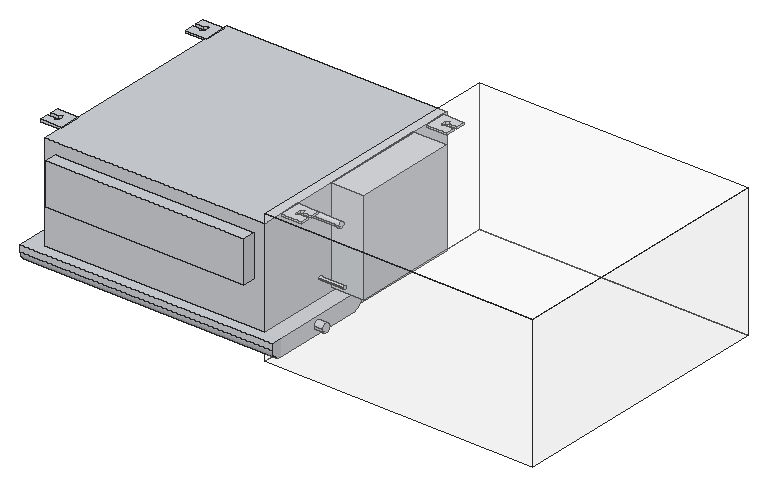
Revit family "pefy-p22_36mlg7(-r)_60Hz", category 機械設備, Revit 2019
Family settings
  丸型コネクタ寸法 = 直径を使用
  パーツ タイプ = 標準
  OmniClass 番号 = 23.75.10.24.21.27.27
  OmniClass タイトル = Split System Air Conditioning Units
  作業面ベース = いいえ
  常に垂直 = はい
  ロード時にボイドで切り取り = いいえ
  共有 = いいえ
  部屋計算ポイント = はい
Parameters (values of type "PEFY-P36MLG7-R")
  騒音レベル（弱）(dB) = 46
  騒音レベル（中）(dB) = 47
  風量（弱）（m3／min） = 4.8
  風量（中）（m3／min） = 5.8
  風量（m3／min） = 9.3
  音響パワーレベル(dB) = 53
  電圧_電気ヒーター = 0 V
  電動機出力_送風機 = 28 W
  運転質量 = 0.00 kg
  説明 = "ビル用マルチエアコン 室内ユニット 天井埋込形"
  設計暖房能力 [instance] = 0 kW
  設計冷房能力_顕熱 [instance] = 0 kW
  設計冷房能力 [instance] = 0 kW
  設置方法 = "天井吊(隠ぺい)形"
  製造元 = "三菱電機株式会社"
  製品質量 = 18.00 kg
  製品出荷対象 = "国内"
  製品リリース年月 = "2020年7月22日"
  製品グループ = ""
  表示 = no
  系統 [instance] = ""
  相_電気ヒーター = 1
  盤記号 [instance] = ""
  特殊仕様 [instance] = ""
  消費電力_電気ヒーター = 0 W
  消費電力_暖房 = 90 W
  消費電力_加湿器 = 0 W
  消費電力_冷房 = 90 W
  消費電力 = if(消費電力_冷房 > 消費電力_暖房, 消費電力_冷房, 消費電力_暖房) + 消費電力_加湿器 + 消費電力_電気ヒーター  # 90 W
  法定耐用年数 = "15"
  機外静圧 = 5.0 Pa
  極数 = 1
  材質 [instance] = ""
  形式_加湿器 = ""
  形式 = "天井吊（隠ぺい）形（両ダクト形）"
  幹線記号 [instance] = ""
  呼称 = "室内機_天井吊(隠ぺい)形(両ダクト形)"
  台数_手元リモコン [instance] = ""
  台数_冷媒分岐ユニット [instance] = ""
  参照している仕様書等のバージョン = "公共建築工事標準仕様書（機械設備工事編）平成31年度版"
  加湿給水管径 = 0.00 mm
  分類コード = "50053003221070"
  分類グループ = ""
  冷媒高低圧ガス管径 = 0.00 mm
  価格 = 0
  企業コード = "108420"
  付属品_フィルター = ""
  付属品 [instance] = ""
  仕様書バージョン = "Version1.0"
  モデル = "PEFY-P36MLG7-R"
  コメント [instance] = ""
  Keynote = ""
  Width = 530 mm
  Version = ""
  Uniclass2015Version = "Systems v1.9"
  Uniclass2015Title = "Split coil remote air cooled condensing units"
  Uniclass2015Code = "Pr_70_65_03_84"
  URL = "https://www.mitsubishielectric.co.jp/ldg/wink/ssl/displayProduct.do?pid=307519&ccd=2020121014"
  SpecificationReference = ""
  SpecificationDescription = ""
  風量 = MAX風量  # 558.0 m³/h
  電源種別 = ""
  電圧 = 200 V
  連動 = ""
  質量 = if(製品質量 > 運転質量, 製品質量, 運転質量) * 1.2  # 21.60 kg
  負荷分類 = 10_ファンコイル類
  記号 [instance] = ""
  符号 = "ACP-CID"
  積算_科目 = "1 空気調和設備"
  積算_拾い区分 [instance] = ""
  相 = 1
  発停方法 = ""
  火災停止 = ""
  本体マテリアル = none
  有効加湿量 = 0
  暖房能力 = 4 kW
  始動方式 = "直入"
  周波数 = 60 Hz
  冷房能力 = 3.6 kW
  冷媒管径符号 = "Ac"
  冷媒管径 = 100.00 mm
  冷媒液管径 = 6.35 mm
  冷媒ガス管径 = 12.70 mm
  ドレン管径 = 27.20 mm
  Revision = ""
  R-表示 = yes
  ProductInformation = ""
  OmniClassCode = "23-33 17 13 11"
  MIN風量 = 風量（弱）（m3／min） * 60.0 m³/h  # 288.0 m³/h
  MID風量 = 風量（中）（m3／min） * 60.0 m³/h  # 348.0 m³/h
  MAX風量 = 風量（m3／min） * 60.0 m³/h  # 558.0 m³/h
  IfcTypeProduct = ""
  IfcProduct = ""
  IfcExportType = "AIRCONDITIONINGUNIT"
  IfcExportAs = "IfcUnitaryEquipmentType"
  Height = 300 mm
  Depth = 550 mm
  Author = "三菱電機株式会社"
Types (6, lengths in mm): name | 騒音レベル（弱）(dB) | 騒音レベル（中）(dB) | 風量（m3／min） | 音響パワーレベル(dB) | 電動機出力_送風機 | 表示 | 消費電力_暖房 | 消費電力_冷房 | 消費電力 | モデル | URL | 風量 | 暖房能力 | 冷房能力 | R-表示 | MAX風量
  PEFY-P22MLG7 | 44 | 46 | 7.9 | 49 | 23 W | yes | 70 W | 70 W | 70 W | "PEFY-P22MLG7" | "https://www.mitsubishielectric.co.jp/ldg/wink/ssl/displayProduct.do?pid=307577" | 474.0 m³/h | 2.5 kW | 2.2 kW | no | 474.0 m³/h
  PEFY-P22MLG7-R | 44 | 46 | 7.9 | 49 | 23 W | no | 70 W | 70 W | 70 W | "PEFY-P22MLG7-R" | "https://www.mitsubishielectric.co.jp/ldg/wink/ssl/displayProduct.do?pid=307579&ccd=2020121014" | 474.0 m³/h | 2.5 kW | 2.2 kW | yes | 474.0 m³/h
  PEFY-P28MLG7 | 45 | 46 | 7.9 | 50 | 23 W | yes | 70 W | 70 W | 70 W | "PEFY-P28MLG7" | "https://www.mitsubishielectric.co.jp/ldg/wink/ssl/displayProduct.do?pid=307578&ccd=2020121014" | 474.0 m³/h | 3.2 kW | 2.8 kW | no | 474.0 m³/h
  PEFY-P28MLG7-R | 45 | 46 | 7.9 | 50 | 23 W | no | 70 W | 70 W | 70 W | "PEFY-P28MLG7-R" | "https://www.mitsubishielectric.co.jp/ldg/wink/ssl/displayProduct.do?pid=307518&ccd=2020121014" | 474.0 m³/h | 3.2 kW | 2.8 kW | yes | 474.0 m³/h
  PEFY-P36MLG7 | 46 | 47 | 9.3 | 53 | 28 W | yes | 90 W | 90 W | 90 W | "PEFY-P36MLG7" | "https://www.mitsubishielectric.co.jp/ldg/wink/ssl/displayProduct.do?pid=307509&ccd=2020121014" | 558.0 m³/h | 4 kW | 3.6 kW | no | 558.0 m³/h
  PEFY-P36MLG7-R | 46 | 47 | 9.3 | 53 | 28 W | no | 90 W | 90 W | 90 W | "PEFY-P36MLG7-R" | "https://www.mitsubishielectric.co.jp/ldg/wink/ssl/displayProduct.do?pid=307519&ccd=2020121014" | 558.0 m³/h | 4 kW | 3.6 kW | yes | 558.0 m³/h
Reference planes
  plane 1 "中心(正面/背面)": y = 0
  plane 2: z = 0
  plane 3 "中心(左/右)": x = 0
  plane 4 "左": x = -265
  plane 5 "右": x = 265
  plane 6 "正面": y = -275
  plane 7 "背面": y = 275
  plane 8: z = 300
  plane 9: z = 320
  plane 10: z = -20
  plane 11: y = 375
  plane 12: y = -375
  plane 13: x = -915
  plane 14: x = -465
  plane 15: x = 915
  plane 16: x = 465
Lines and regions (mm)
  Masking region 1, detail levels coarse+medium
    outline origin (0, 0, 0) x (1, 0, 0) y (0, 1, 0)
      loop
        line (-265, 275) -> (-265, -275) -> (265, -275) -> (265, 275) -> (-265, 275)
Dimensions and locks
  "Height": plane 8 to level
  equal spacing: plane 4 "左", plane 3 "中心(左/右)", plane 5 "右"
  "Width": plane 4 "左" to plane 5 "右"
  equal spacing: plane 6 "正面", plane 1 "中心(正面/背面)", plane 7 "背面"
  "Depth": plane 6 "正面" to plane 7 "背面"
  locked: plane 9 to plane 8 at 20
  locked: plane 2 to plane 10 at 20
  locked: plane 6 "正面" to plane 11 at 650
  locked: plane 12 to plane 7 "背面" at 650
  locked: plane 13 to plane 4 "左" at 650
  locked: plane 13 to plane 14 at 450
  locked: plane 5 "右" to plane 15 at 650
  locked: plane 16 to plane 15 at 450
  aligned and locked: level to plane 2
  aligned and locked: plane 10 to nested 3
  aligned and locked: plane 9 to nested 3
  aligned and locked: plane 2 to nested 4
  aligned and locked: plane 9 to nested 4
  aligned and locked: plane 11 to nested 3
  aligned and locked: plane 13 to nested 3
  aligned and locked: plane 6 "正面" to nested 3
  aligned and locked: plane 4 "左" to nested 3
  aligned and locked: plane 1 "中心(正面/背面)" to nested 1
  aligned and locked: nested 1 to plane 3 "中心(左/右)"
  aligned and locked: nested 2 to plane 1 "中心(正面/背面)"
  aligned and locked: nested 2 to plane 3 "中心(左/右)"
  aligned and locked: plane 15 to nested 4
  aligned and locked: plane 5 "右" to nested 4
  aligned and locked: plane 6 "正面" to nested 4
  aligned and locked: plane 11 to nested 4
Automatic sketch dimensions
  Masking region 1 sketch curve to plane 4 "左" = 0 mm
  Masking region 1 sketch curve to plane 5 "右" = 0 mm
  plane 6 "正面" to Masking region 1 sketch curve = 0 mm
  plane 7 "背面" to Masking region 1 sketch curve = 0 mm
Nested families
  nested 1: "PEFY-P-MLG" at (0, 0, 0) x (0, -1, 0) z (0, 0, 1), 表示 <- "表示", ①奥行き <- "Width", ①幅 <- "Depth", ①高さ <- "Height", ガス径 <- "冷媒ガス管径", ドレン径 <- "ドレン管径", 配管径 <- "冷媒管径", 液径 <- "冷媒液管径", type "PEFY-P-MLG"
    with 配管径 100 mm, 表示 no, 液径 6.35 mm, 液W 27 mm, 液H 153 mm, 液D 62 mm, 吊りボルトW 439 mm, 吊りボルトH 0 mm, 吊りボルトD 584 mm, 加湿器径 0 mm, 加湿器W 0 mm, 加湿器H 0 mm, 加湿器D 0 mm, ドレン径 27.2 mm, ドレンW 109 mm, ドレンH 252 mm, ドレンD 62 mm, ダクト高 100 mm, ダクト幅 480 mm, ガス径 12.7 mm, ガスW 139 mm, ガスH 37 mm, ガスD 75 mm, ①高さ 300 mm, ①幅 550 mm, ①奥行き 530 mm
  nested 2: "PEFY-P-MLG" at (0, 0, 0) x (0, -1, 0) z (0, 0, 1), 表示 <- "R-表示", ①奥行き <- "Width", ①幅 <- "Depth", ①高さ <- "Height", type "PEFY-P-MLG"
    with 配管径 100 mm, 表示 yes, 液径 6.35 mm, 液W 27 mm, 液H 153 mm, 液D 62 mm, 吊りボルトW 439 mm, 吊りボルトH 0 mm, 吊りボルトD 584 mm, 加湿器径 0 mm, 加湿器W 0 mm, 加湿器H 0 mm, 加湿器D 0 mm, ドレン径 20 mm, ドレンW 109 mm, ドレンH 252 mm, ドレンD 62 mm, ダクト高 100 mm, ダクト幅 480 mm, ガス径 12.7 mm, ガスW 139 mm, ガスH 37 mm, ガスD 75 mm, ①高さ 300 mm, ①幅 550 mm, ①奥行き 530 mm
  nested 3: "サービススペース(PEFY-P-MLG)" at (-590, 50, 150), visible <- "表示", type "サービススペース(PEFY-P-MLG)"
    with Width 650 mm, Height 340 mm, Depth 650 mm
  nested 4: "サービススペース(PEFY-P-MLG)" at (590, 50, 160), visible <- "R-表示", type "サービススペース(PEFY-P-MLG)"
    with Width 650 mm, Height 320 mm, Depth 650 mm
Connectors
  electrical at (-345, 50, 187.5), driven by "極数", driven by "負荷分類", driven by "電圧", driven by "消費電力"
    settings: on nested 1, index 1, voltage 200 V, apparent load 90 VA, apparent load phase1 0 VA, apparent load phase2 0 VA, apparent load phase3 0 VA, power factor 1, load classification "10_ファンコイル類", number of poles 1, system type 30, power factor state 1, is connector primary yes, connector utility no, sub classification motor no, connector description ""
  piping at (-327, -166, 48), diameter 27.2, driven by "ドレン管径"
    settings: on nested 1, index 2, connector inside diameter 609.60 mm, connector length 0 mm, flow factor 0, pipe flow 0.0 L/s, pressure drop 0.0 Pa, fitting loss kfactor 0, connector angle 0.00°, fixture units 0, engagement length 0 mm, angle of deflection 0.00°, flow configuration 1, flow direction 2, fitting loss method 4, system type 16, joint type 0, gender type 0, connector reference index -1, connector utility 0, adjustable connector no, is connector primary yes, connector description ""
  piping at (-327, -109, 110), diameter 6.35, driven by "冷媒液管径"
    settings: on nested 1, index 3, connector inside diameter 609.60 mm, connector length 0 mm, flow factor 0, pipe flow 0.0 L/s, pressure drop 0.0 Pa, fitting loss kfactor 0, connector angle 0.00°, fixture units 0, engagement length 0 mm, angle of deflection 0.00°, flow configuration 1, flow direction 1, fitting loss method 4, system type 7, joint type 0, gender type 0, connector reference index -1, connector utility 0, adjustable connector no, is connector primary no, connector description ""
  piping at (-340, -136, 263), diameter 12.7, driven by "冷媒ガス管径"
    settings: on nested 1, index 4, connector inside diameter 609.60 mm, connector length 0 mm, flow factor 0, pipe flow 0.0 L/s, pressure drop 0.0 Pa, fitting loss kfactor 0, connector angle 0.00°, fixture units 0, engagement length 0 mm, angle of deflection 0.00°, flow configuration 1, flow direction 1, fitting loss method 4, system type 7, joint type 0, gender type 0, connector reference index -1, connector utility 0, adjustable connector no, is connector primary no, connector description ""
  electrical at (345, 50, 187.5), driven by "極数", driven by "負荷分類", driven by "電圧", driven by "消費電力"
    settings: on nested 2, index 5, voltage 200 V, apparent load 90 VA, apparent load phase1 0 VA, apparent load phase2 0 VA, apparent load phase3 0 VA, power factor 1, load classification "10_ファンコイル類", number of poles 1, system type 30, power factor state 1, is connector primary no, connector utility no, sub classification motor no, connector description ""
  piping at (327, -166, 48), diameter 27.2, driven by "ドレン管径"
    settings: on nested 2, index 6, connector inside diameter 609.60 mm, connector length 0 mm, flow factor 0, pipe flow 0.0 L/s, pressure drop 0.0 Pa, fitting loss kfactor 0, connector angle 0.00°, fixture units 0, engagement length 0 mm, angle of deflection 0.00°, flow configuration 1, flow direction 2, fitting loss method 4, system type 16, joint type 0, gender type 0, connector reference index -1, connector utility 0, adjustable connector no, is connector primary no, connector description ""
  piping at (327, -109, 110), diameter 6.35, driven by "冷媒液管径"
    settings: on nested 2, index 7, connector inside diameter 609.60 mm, connector length 0 mm, flow factor 0, pipe flow 0.0 L/s, pressure drop 0.0 Pa, fitting loss kfactor 0, connector angle 0.00°, fixture units 0, engagement length 0 mm, angle of deflection 0.00°, flow configuration 1, flow direction 1, fitting loss method 4, system type 7, joint type 0, gender type 0, connector reference index -1, connector utility 0, adjustable connector no, is connector primary no, connector description ""
  piping at (340, -136, 263), diameter 12.7, driven by "冷媒ガス管径"
    settings: on nested 2, index 8, connector inside diameter 609.60 mm, connector length 0 mm, flow factor 0, pipe flow 0.0 L/s, pressure drop 0.0 Pa, fitting loss kfactor 0, connector angle 0.00°, fixture units 0, engagement length 0 mm, angle of deflection 0.00°, flow configuration 1, flow direction 1, fitting loss method 4, system type 7, joint type 0, gender type 0, connector reference index -1, connector utility 0, adjustable connector no, is connector primary no, connector description ""
Definition of nested family "PEFY-P-MLG"
  Parameters (values of type "PEFY-P-MLG")
    表示 [instance] = yes
    加湿器径 [instance] = 0 mm
    加湿器W [instance] = 0 mm
    加湿器H [instance] = 0 mm
    加湿器D [instance] = 0 mm
    液径 [instance] = 6.35 mm
    吊りボルトW [instance] = 439 mm
    吊りボルトH [instance] = 0 mm
    吊りボルトD [instance] = 584 mm
    配管径 [instance] = 100 mm
    液W [instance] = 27 mm
    液H [instance] = 153 mm
    液D [instance] = 62 mm
    ドレン径 [instance] = 20 mm
    ドレンW [instance] = 109 mm
    ドレンH [instance] = 252 mm
    ドレンD [instance] = 62 mm
    ダクト高 [instance] = 100 mm
    ダクト幅 [instance] = 480 mm
    ガス径 [instance] = 12.7 mm
    ガスW [instance] = 139 mm
    ガスH [instance] = 37 mm
    ガスD [instance] = 75 mm
    ①幅 [instance] = 550 mm
    ①高さ [instance] = 300 mm
    ①奥行き [instance] = 530 mm
  Reference planes
    plane 1 "中心(正面/背面)": y = 0
    plane 2: z = 0
    plane 3 "中心(左/右)": x = 0
    plane 4: x = -275
    plane 5: x = 275
    plane 6: y = 265
    plane 7: y = -265
    plane 8: z = 300
    plane 9: y = 292
    plane 10: y = -292
    plane 11: x = -239
    plane 12: x = 200
    plane 13: z = 295
    plane 14: x = 305
    plane 15: x = -214
    plane 16: x = -264
    plane 17: x = 175
    plane 18: x = 225
    plane 19: y = 315
    plane 20: y = -315
    plane 21: y = -345
    plane 22: z = 75
    plane 23: z = 25
    plane 24: x = 32
    plane 25: x = 75
    plane 26: x = -175
    plane 27: y = 305
    plane 28: y = -305
    plane 29: x = 300
    plane 30: x = 166
    plane 31: z = 65
    plane 32: z = 48
    plane 33: y = -327
    plane 34: y = -240
    plane 35: y = 240
    plane 36: z = 272
    plane 37: z = 172
    plane 38: y = -340
    plane 39: x = 109
    plane 40: x = 136
    plane 41: z = 263
    plane 42: z = 110
  Forms (mm)
    Extrusion 1, solid, visible <- "表示", detail levels fine
      sketch origin (0, 0, 0) x (1, 0, 0) y (0, 1, 0)
        loop
          line (-275, 265) -> (-275, -265) -> (275, -265) -> (275, 265) -> (-275, 265)
      from 75 to 300
    Extrusion 2, solid, visible <- "表示", detail levels fine
      sketch origin (0, 0, 0) x (1, 0, 0) y (0, 1, 0)
        loop
          line (-264, 315) -> (-264, 265) -> (-214, 265) -> (-214, 315) -> (-234, 315) -> (-234, 297)
          arc (-234, 297) -> (-229, 292) -> (-234, 287) r 5
          line (-234, 287) -> (-244, 287)
          arc (-244, 287) -> (-249, 292) -> (-244, 297) r 5
          line (-244, 297) -> (-244, 315) -> (-264, 315)
        loop
          line (-264, -315) -> (-244, -315) -> (-244, -297)
          arc (-244, -297) -> (-249, -292) -> (-244, -287) r 5
          line (-244, -287) -> (-234, -287)
          arc (-234, -287) -> (-229, -292) -> (-234, -297) r 5
          line (-234, -297) -> (-234, -315) -> (-214, -315) -> (-214, -265) -> (-264, -265) -> (-264, -315)
        loop
          line (175, 315) -> (175, 265) -> (225, 265) -> (225, 315) -> (205, 315) -> (205, 297)
          arc (205, 297) -> (210, 292) -> (205, 287) r 5
          line (205, 287) -> (195, 287)
          arc (195, 287) -> (190, 292) -> (195, 297) r 5
          line (195, 297) -> (195, 315) -> (175, 315)
        loop
          line (175, -315) -> (195, -315) -> (195, -297)
          arc (195, -297) -> (190, -292) -> (195, -287) r 5
          line (195, -287) -> (205, -287)
          arc (205, -287) -> (210, -292) -> (205, -297) r 5
          line (205, -297) -> (205, -315) -> (225, -315) -> (225, -265) -> (175, -265) -> (175, -315)
      from 295 to 300
    Extrusion 3, solid, visible <- "表示", detail levels fine
      sketch origin (0, 0, 0) x (1, 0, 0) y (0, 1, 0)
        loop
          line (0, 265) -> (-275, 265) -> (-275, -265) -> (0, -265) -> (0, 265)
      from 0 to 75
    Extrusion 4, solid, visible <- "表示", detail levels fine
      sketch origin (0, 0, 0) x (1, 0, 0) y (0, 0, 1)
        loop
          line (-175, 300) -> (-175, 75) -> (75, 75) -> (75, 300) -> (-175, 300)
      from 265 to 345
    Extrusion 5, solid, visible <- "表示", detail levels fine
      sketch origin (0, 0, 0) x (1, 0, 0) y (0, 0, 1)
        loop
          line (32, 65) -> (32, 50)
          arc (32, 50) -> (39.322, 32.322) -> (57, 25) r 25
          line (57, 25) -> (275, 25)
          arc (275, 25) -> (292.678, 32.322) -> (300, 50) r 25
          line (300, 50) -> (300, 65) -> (32, 65)
      from -305 to 305
    Extrusion 6, solid, visible <- "表示", detail levels fine
      sketch origin (0, 0, 0) x (1, 0, 0) y (0, 0, 1)
        loop
          circle (166, 48) r 10
      from 305 to 327
    Extrusion 7, solid, visible <- "表示", detail levels fine
      sketch origin (0, 0, 0) x (1, 0, 0) y (0, 1, 0)
        loop
          line (275, 265) -> (55, 265) -> (55, -265) -> (275, -265) -> (275, 265)
      from 65 to 75
    Extrusion 8, solid, visible <- "表示", detail levels fine
      sketch origin (0, 0, 0) x (0, 1, 0) y (0, 0, 1)
        loop
          line (240, 272) -> (-240, 272) -> (-240, 172) -> (240, 172) -> (240, 272)
      from 275 to 305
    Extrusion 9, solid, visible <- "表示", detail levels fine
      sketch origin (0, 0, 0) x (1, 0, 0) y (0, 0, 1)
        loop
          circle (136, 263) r 6.35
      from 265 to 340
    Extrusion 10, solid, visible <- "表示", detail levels fine
      sketch origin (0, 0, 0) x (1, 0, 0) y (0, 0, 1)
        loop
          circle (109, 110) r 3.175
      from 265 to 327
  Cuts and joins
    joined: Extrusion 1, Extrusion 3, Extrusion 7
  Dimensions and locks
    equal spacing: plane 7, plane 1 "中心(正面/背面)", plane 6
    "①奥行き": plane 7 to plane 6
    equal spacing: plane 4, plane 3 "中心(左/右)", plane 5
    "①幅": plane 4 to plane 5
    "吊りボルトW": plane 11 to plane 12
    locked: plane 8 to plane 13 at 5
    "吊りボルトD": plane 10 to plane 9
    equal spacing: plane 10, plane 1 "中心(正面/背面)", plane 9
    locked: plane 5 to plane 14 at 30
    locked: plane 12 to plane 14 at 105
    locked: plane 20 to plane 7 at 50
    locked: plane 6 to plane 19 at 50
    plane 16 to plane 11 to plane 15 = 25 mm locked, 25 mm locked
    plane 17 to plane 12 to plane 18 = 25 mm locked, 25 mm locked
    locked: plane 21 to plane 7 at 80
    "①高さ": plane 8 to level
    locked: plane 8 to plane 22 at 225
    locked: plane 4 to plane 26 at 100
    locked: plane 26 to plane 25 at 250
    locked: plane 21 to plane 27 at 650
    locked: plane 28 to plane 7 at 40
    plane 6 to plane 27 = 40 mm
    locked: plane 5 to plane 29 at 25
    locked: plane 24 to plane 29 at 268
    "ドレンW": plane 5 to plane 30
    locked: plane 22 to plane 31 at 10
    locked: plane 22 to plane 23 at 50
    "ドレンH": plane 8 to plane 32
    "ドレンD": plane 33 to plane 7
    locked: plane 7 to plane 34 at 25
    "ダクト幅": plane 34 to plane 35
    locked: plane 8 to plane 36 at 28
    "ダクト高": plane 36 to plane 37
    "ガスD": plane 38 to plane 7
    "ガスW": plane 5 to plane 40
    "液W": plane 40 to plane 39
    "ガスH": plane 8 to plane 41
    "液H": plane 41 to plane 42
    "ドレン径": diameter of Extrusion 6 sketch curve
    "ガス径": diameter of Extrusion 9 sketch curve
    "液径": diameter of Extrusion 10 sketch curve
    aligned and locked: level to plane 2
    aligned and locked: plane 6 to Extrusion 1 sketch curve
    aligned and locked: plane 4 to Extrusion 1 sketch curve
    aligned and locked: Extrusion 1 sketch curve to plane 7
    aligned and locked: Extrusion 1 sketch curve to plane 5
    aligned and locked: plane 8 to Extrusion 1
    aligned and locked: plane 10 to nested 1
    aligned and locked: plane 11 to nested 1
    aligned and locked: plane 12 to nested 1
    aligned and locked: nested 1 to plane 9
    aligned and locked: plane 19 to Extrusion 2 sketch curve  (x4)
    aligned and locked: plane 16 to Extrusion 2 sketch curve
    aligned and locked: Extrusion 2 sketch curve to plane 6  (x2)
    aligned and locked: Extrusion 2 sketch curve to plane 15
    aligned and locked: plane 9 to Extrusion 2 sketch curve  (x4)
    aligned and locked: Extrusion 2 sketch curve to plane 18
    aligned and locked: plane 17 to Extrusion 2 sketch curve
    aligned and locked: Extrusion 2 sketch curve to plane 16
    aligned and locked: Extrusion 2 sketch curve to plane 7  (x2)
    aligned and locked: plane 15 to Extrusion 2 sketch curve
    aligned and locked: plane 20 to Extrusion 2 sketch curve  (x4)
    aligned and locked: plane 10 to Extrusion 2 sketch curve  (x4)
    aligned and locked: plane 18 to Extrusion 2 sketch curve
    aligned and locked: Extrusion 2 sketch curve to plane 17
    aligned and locked: plane 8 to Extrusion 2
    aligned and locked: Extrusion 2 to plane 13
    aligned and locked: Extrusion 1 to plane 22
    aligned and locked: Extrusion 1 to Extrusion 3 sketch curve
    aligned and locked: plane 3 "中心(左/右)" to Extrusion 3 sketch curve
    aligned and locked: Extrusion 3 sketch curve to Extrusion 1  (x2)
    aligned and locked: Extrusion 3 to Extrusion 1
    aligned and locked: Extrusion 4 sketch curve to plane 8
    aligned and locked: plane 26 to Extrusion 4 sketch curve
    aligned and locked: plane 22 to Extrusion 4 sketch curve
    aligned and locked: Extrusion 4 sketch curve to plane 25
    aligned and locked: plane 21 to Extrusion 4
    aligned and locked: Extrusion 4 to plane 7
    aligned and locked: Extrusion 5 sketch curve to plane 31
    aligned and locked: Extrusion 5 sketch curve to plane 24
    aligned and locked: Extrusion 5 sketch curve to plane 29
    aligned and locked: Extrusion 5 sketch curve to plane 23
    aligned and locked: plane 32 to Extrusion 6 sketch curve
    aligned and locked: plane 30 to Extrusion 6 sketch curve
    aligned and locked: plane 28 to Extrusion 5
    aligned and locked: Extrusion 5 to plane 27
    aligned and locked: plane 33 to Extrusion 6
    aligned and locked: Extrusion 6 to plane 28
    aligned and locked: Extrusion 7 sketch curve to plane 5
    aligned and locked: Extrusion 7 sketch curve to plane 6
    aligned and locked: Extrusion 7 sketch curve to plane 7
    aligned and locked: Extrusion 7 to plane 31
    aligned and locked: plane 22 to Extrusion 7
    aligned and locked: plane 36 to Extrusion 8 sketch curve
    aligned and locked: Extrusion 8 sketch curve to plane 37
    aligned and locked: plane 34 to Extrusion 8 sketch curve
    aligned and locked: Extrusion 8 to plane 5
    aligned and locked: plane 14 to Extrusion 8
    aligned and locked: plane 41 to Extrusion 9 sketch curve
    aligned and locked: plane 40 to Extrusion 9 sketch curve
    aligned and locked: plane 39 to Extrusion 10 sketch curve
    aligned and locked: plane 42 to Extrusion 10 sketch curve
    aligned and locked: Extrusion 10 to Extrusion 6
    aligned and locked: Extrusion 10 to plane 7
    aligned and locked: Extrusion 9 to plane 7
    aligned and locked: plane 38 to Extrusion 9
  Automatic sketch dimensions
    Extrusion 2 sketch curve to plane 11 = 5 mm  (x4)
    plane 11 to Extrusion 2 sketch curve = 5 mm  (x3)
    Extrusion 2 sketch curve to plane 12 = 5 mm  (x3)
    plane 12 to Extrusion 2 sketch curve = 5 mm  (x3)
    Extrusion 2 sketch curve to Extrusion 2 sketch curve = 5 mm  (x2)
    plane 9 to Extrusion 2 sketch curve = 5 mm  (x2)
    Extrusion 2 sketch curve to Extrusion 2 sketch curve = 0 mm
    Extrusion 5 sketch curve to plane 31 = 15 mm
    Extrusion 5 sketch curve to plane 5 = 0 mm
    Extrusion 7 sketch curve to plane 25 = 20 mm
    Extrusion 8 sketch curve to plane 35 = 0 mm
  Nested families
    nested 1: "固定点" at (-239, -292, 0), visible <- "表示", type "固定点", detail levels fine
      with W 439 mm, D 584 mm, 中心円 10 mm
  Definition of nested family "固定点"
    Parameters (values of type "固定点")
      中心円 = 20 mm
      W [instance] = 1000 mm
      D [instance] = 1000 mm
    Reference planes
      plane 1 "中心(正面/背面)": y = 0
      plane 2: z = 0
      plane 3 "中心(左/右)": x = 0
      plane 4: x = 1000
      plane 5: y = 1000
    Lines and regions (mm)
      symbolic lines, detail levels fine
        curve 1: circle (0, 1000, 0) r 10 normal (0, 0, 1)
        curve 2: circle (0, 0, 0) r 10 normal (0, 0, 1)
        curve 3: circle (1000, 1000, 0) r 10 normal (0, 0, 1)
        curve 4: circle (1000, 0, 0) r 10 normal (0, 0, 1)
        curve 5: line (-200, 1000, 0) -> (1200, 1000, 0)
        curve 6: line (-200, 0, 0) -> (1200, 0, 0)
        curve 7: line (0, 1200, 0) -> (0, -200, 0)
        curve 8: line (1000, 1200, 0) -> (1000, -200, 0)
    Dimensions and locks
      "W": plane 3 "中心(左/右)" to plane 4
      "D": plane 1 "中心(正面/背面)" to plane 5
      "中心円": diameter of curve 1
      "中心円": diameter of curve 2
      "中心円": diameter of curve 3
      "中心円": diameter of curve 4
      aligned and locked: level to plane 2
      aligned and locked: plane 5 to curve 1
      aligned and locked: plane 3 "中心(左/右)" to curve 1
      aligned and locked: plane 3 "中心(左/右)" to curve 2
      aligned and locked: plane 1 "中心(正面/背面)" to curve 2
      aligned and locked: plane 4 to curve 3
      aligned and locked: plane 5 to curve 3
      aligned and locked: plane 1 "中心(正面/背面)" to curve 4
      aligned and locked: plane 4 to curve 4
      aligned and locked: plane 1 "中心(正面/背面)" to curve 6
      aligned and locked: curve 7 to plane 3 "中心(左/右)"
      aligned and locked: curve 8 to plane 4
    Automatic sketch dimensions
      curve 5 to plane 5 = 0 mm
      curve 6 to plane 3 "中心(左/右)" = 200 mm
      curve 5 to plane 3 "中心(左/右)" = 200 mm
      curve 4 to curve 6 = 200 mm
      curve 3 to curve 5 = 200 mm
      plane 1 "中心(正面/背面)" to curve 8 = 200 mm
      plane 1 "中心(正面/背面)" to curve 7 = 200 mm
      curve 3 to curve 8 = 200 mm
      curve 1 to curve 7 = 200 mm
Definition of nested family "サービススペース(PEFY-P-MLG)"
  Parameters (values of type "サービススペース")
    Width [instance] = 500 mm
    Height [instance] = 500 mm
    Depth [instance] = 500 mm
  Reference planes
    plane 1 "中心(正面/背面)": y = 0
    plane 2: z = 0
    plane 3 "中心(左/右)": x = 0
    plane 4: y = -250
    plane 5: x = 250
    plane 6: y = 250
    plane 7: x = -250
    plane 8: z = 250
    plane 9: z = -250
  Forms (mm)
    Extrusion 1, solid
      sketch origin (-638.939, 0, 72.39) x (1, 0, 0) y (0, 1, 0)
        loop
          line (388.939, 250) -> (388.939, -250) -> (888.939, -250) -> (888.939, 250) -> (388.939, 250)
      from -322.39 to 177.61
  Lines and regions (mm)
    symbolic lines
      curve 1: line (-250, 0, 250) -> (250, 0, 250)
      curve 2: line (-250, 0, -250) -> (-250, 0, 250)
      curve 3: line (250, 0, -250) -> (-250, 0, -250)
      curve 4: line (250, 0, 250) -> (250, 0, -250)
      curve 5: line (0, -250, 250) -> (0, 250, 250)
      curve 6: line (0, -250, -250) -> (0, -250, 250)
      curve 7: line (0, 250, -250) -> (0, -250, -250)
      curve 8: line (0, 250, 250) -> (0, 250, -250)
      curve 9: line (-250, 250, 0) -> (250, 250, 0)
      curve 10: line (-250, -250, 0) -> (-250, 250, 0)
      curve 11: line (250, -250, 0) -> (-250, -250, 0)
      curve 12: line (250, 250, 0) -> (250, -250, 0)
  Dimensions and locks
    equal spacing: plane 7, plane 3 "中心(左/右)", plane 5
    equal spacing: plane 4, plane 1 "中心(正面/背面)", plane 6
    "Depth": plane 4 to plane 6
    "Width": plane 7 to plane 5
    equal spacing: plane 8, plane 2, plane 9
    "Height": plane 8 to plane 9
    aligned and locked: plane 9 to curve 3
    aligned and locked: plane 7 to curve 2
    aligned and locked: curve 4 to plane 5
    aligned and locked: plane 5 to Extrusion 1
    aligned and locked: Extrusion 1 to plane 7
    aligned and locked: Extrusion 1 to plane 9
    aligned and locked: plane 8 to Extrusion 1
    aligned and locked: plane 9 to curve 7
  Automatic sketch dimensions
    plane 4 to Extrusion 1 sketch curve = 0 mm
    Extrusion 1 sketch curve to plane 7 = 0 mm
    Extrusion 1 sketch curve to plane 5 = 0 mm
    plane 6 to Extrusion 1 sketch curve = 0 mm
    curve 2 to plane 8 = 0 mm
    plane 4 to curve 11 = 0 mm
    curve 11 to plane 7 = 0 mm
    curve 11 to plane 5 = 0 mm
    plane 6 to curve 10 = 0 mm
    curve 7 to plane 4 = 0 mm
    curve 7 to plane 6 = 0 mm
    curve 6 to plane 8 = 0 mm
